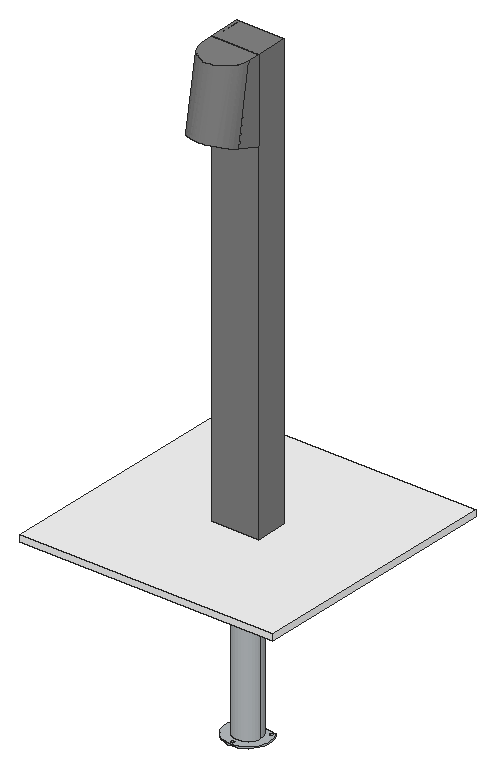
Revit family "BE_77239_de_DE", category Leuchten, Revit 2020
Family settings
  Basisbauteil = Fläche
  Bemaßung runder Anschluss = Durchmesser verwenden
  Teiletyp = Normal
  Beim Laden mit Abzugskörper schneiden = Ja
  Lichtquelle = Ja
  Gemeinsam genutzt = Nein
  Raumberechnungspunkt = Ja
Parameters (values of type "BEGA_77239_Grafit_K3")
  built-in parameter 1150104 = 14.151 (stored number, unit not read)
  Wattage = 1.9 W
  Default Elevation = 0 mm
  built-in parameter 1150113 = 1 (stored number, unit not read)
  built-in parameter 1114218 = 1 (stored number, unit not read)
  Umgebungstemperatur = "25 °C"
  URL = "https://www.bega.com/de/produkt/77239"
  Typenkommentare = "© 2022 BEGA. Wir behalten uns das Recht vor, technische Änderungen ohne vorherige Ankündigung vorzunehmen."  # constant formula
  Type Image = 77239.png
  built-in parameter 1150134 = (empty or 0)
  built-in parameter 1150109 = 1 (stored number, unit not read)
  Strom = ""
  built-in parameter 1150110 = 1 (stored number, unit not read)
  Spannung = 239.996 V
  Sonderanfertigung = no
  Seriennummer [instance] = "Hier können Sie die eindeutige Seriennummer für das Facility Management eintragen."
  Schutzklasse = "I"
  Schutzart = "IP 64"
  Scheinlast = 0 VA
  Produktdatenblatt = "https://cdn.bega.com/bega/products/77239AK3/current/documents/data-sheets/de"
  Oberflächentemperatur = ""
  Neigungswinkel = 0.00°
  Modell = "77239K3"
  Material_18 = BEGA_Gummi_schwarz
  Material_17 = BEGA_Reflektor
  Material_15 = BEGA_Leuchtmedium_matt
  Material_11 = BEGA_Glas_opal
  Material_10 = BEGA_Glas_matt
  Material_09 = BEGA_Glas_klar
  Material_08 = BEGA_Oberfläche_Stahl_verzinkt
  Material_06 = BEGA_Oberfläche_Edelstahl_gebürstet
  Material_03 = BEGA_Oberfläche_Weiss_matt
  Material_02 = BEGA_Oberfläche_Silber_matt
  Material_01 [instance] = BEGA_Oberfläche_Grafit_matt
  M_W = no
  M_G = yes
  M_A = no
  Logo = 0
  built-in parameter 1114217 = 1 (stored number, unit not read)
  built-in parameter 1150139 = (empty or 0)
  built-in parameter 1150105 = 23.03 (stored number, unit not read)
  built-in parameter 1150114 = 1 (stored number, unit not read)
  Lumens = 289.408 lm
  built-in parameter 1150115 = 1 (stored number, unit not read)
  Leuchtenlichtstrom = "146 lm"
  Leuchtenanzahl = ""
  Lebensdauerkriterien = "L70B50 @ 25 °C = 200000 h"
  Lastklassifizierung = Beleuchtung
  built-in parameter 1150112 = 1 (stored number, unit not read)
  Lampenlichtstrom = "295 lm"
  Lampe = "LED 1.9 W"
  LED_Modulbezeichnung = "LED-0684/830"
  built-in parameter 1150142 = (empty or 0)
  Hersteller = "BEGA"  # constant formula
  Halbstreuwinkel = ""
  Gewicht = "2.7 kg"
  Gebrauchslageneinschränkung [instance] = ""
  Frequenz = "0/50-60 Hz"
  Farbwiedergabeindex = "CRI > 80"
  Farbtemperaturverschiebung bei Dämpfen der Lampe = <Keine Auswahl>
  Farbtemperatur = "3000 K"
  Color Filter = 16777215
  built-in parameter 1150133 = 10 (stored number, unit not read)
  Energieeffizienzklasse = "LED A++ - A"
  built-in parameter 1150137 = (empty or 0)
  built-in parameter 1150132 = (empty or 0)
  ENEC = "ja"
  Datei für fotometrisches Netz = "BE_77239K3.IES"
  CE_Konformität = "ja"
  Bestellnummer = "77239K3"
  Beschreibung_Sonderanfertigung = "Hier können Sie Informationen zur Sonderanfertigung eintragen."
  Beschreibung = "Garten- und Wegeleuchte"
  built-in parameter 1150106 = 0.2303 (stored number, unit not read)
  Befestigungsbohrung = ""
  Befestigungsabstand = ""
  Ballwurfsicher = ""
  BEGA_Intern_aus = yes
  BEGA_Intern_an = yes
  BEGA_Intern_Konstruktion = yes
  BEGA_Intern = yes
  BEGA_IES = yes
  BEGA_Dummy = no
  Anschlussleitung = ""
  Anschlussleistung [instance] = "2.5 W"
  Anschlusskasten = ""
  built-in parameter 1150107 = 3000 (stored number, unit not read)
  built-in parameter 1150102 = (empty or 0)
  built-in parameter 1150138 = (empty or 0)
  Aktualisierung = "2022-05-19T04:00:07"
  Abstand_zur_angestrahlten_Fläche [instance] = ""
  AC/DC = "AC/DC"
Types (2, lengths in mm): name | built-in parameter 1150104 | Modell | M_G | M_A | built-in parameter 1150105 | Lumens | Bestellnummer | built-in parameter 1150106
  BEGA_77239_Silber_K3 | 14.18 (stored number, unit not read) | "77239AK3" | no | yes | 23.077 (stored number, unit not read) | 289.997 lm | "77239AK3" | 0.23077 (stored number, unit not read)
  BEGA_77239_Grafit_K3 | 14.151 (stored number, unit not read) | "77239K3" | yes | no | 23.03 (stored number, unit not read) | 289.408 lm | "77239K3" | 0.2303 (stored number, unit not read)
Reference planes
  plane 1 "Mitte (Vorne/Hinten)": y = 0
  plane 2: z = 0
  plane 3 "Mitte (Links/Rechts)": x = 0
  plane 4 "Links": x = -37.5
  plane 5 "Rechts": x = 37.5
  plane 6 "Unten": y = -100.895
  plane 7 "Oben": y = 25
  plane 8 "Vorne": z = 686.8
  plane 9 "Hinten": z = -300
Forms (mm)
  Extrusion 1, solid, material "BEGA_Platte_Weiss"
    sketch origin (0, -1119.2, 0) x (1, 0, 0) y (0, 1, 0)
      loop
        line (-200, 1319.2) -> (-200, 919.2) -> (200, 919.2) -> (200, 1319.2) -> (-200, 1319.2)
    from 0 to -10
  Extrusion 2, solid, material "BEGA_Dummy_matt", visible <- "BEGA_Dummy"
    sketch origin (80.095, -76.023, 0) x (1, 0, 0) y (0, 1, 0)
      loop
        line (-117.595, 101.023) -> (-117.595, -24.872) -> (-42.595, -24.872) -> (-42.595, 101.023) -> (-117.595, 101.023)
    from 0 to 686.8
Dimensions and locks
  plane 1 "Mitte (Vorne/Hinten)" to Extrusion 1 = 200 mm
  aligned and locked: plane 2 to Extrusion 1
  aligned and locked: level to Extrusion 1
Nested families
  nested 1: "BE_77239" at (0, 0, 0), type "BE_77239"
    with M_W no, M_G yes
Connectors
  electrical at (0, 0, 0), driven by "Lastklassifizierung", driven by "Spannung", driven by "Scheinlast"
    settings: index 1, voltage 239.996 V, apparent load 0 VA, apparent load phase1 0 VA, apparent load phase2 0 VA, apparent load phase3 0 VA, power factor 1, load classification "Beleuchtung", number of poles 1, system type 31, power factor state 1, is connector primary yes, connector utility no, sub classification motor no, connector description ""
Definition of nested family "BE_77239"
  Parameters (values of type "BE_77239")
    Default Elevation = 1 mm
    URL = "http://www.bega.de/de/produkt"
    Type Comments = "© 2015 BEGA. Wir behalten uns das Recht vor, technische Änderungen ohne vorherige Ankündigung vorzunehmen. "  # constant formula
    Type Image = (empty or 0)
    Material_18 = none
    Material_17 = none
    Material_15 = none
    Material_11 = none
    Material_10 = none
    Material_09 = none
    Material_08 = none
    Material_06 = none
    Material_03 = none
    Material_02 = none
    Material_01 = none
    M_W = yes
    M_G = no
    M_A = no
    Länge_Platte = 200 mm  # constant formula
    Höhe_Platte = -10 mm  # constant formula
    Manufacturer = "BEGA"  # constant formula
    Breite_Platte = 200 mm  # constant formula
  Reference planes
    plane 1 "Mitte (Oben/Unten)": y = 0
    plane 2: z = 0
    plane 3 "Mitte (Links/Rechts)": x = 0
    plane 4: x = -37.5
    plane 5: z = -300
    plane 6: x = 37.5
    plane 7: z = 686.8
    plane 8: y = 25
    plane 9: y = -100.895
  Forms (mm)
    Extrusion 1, solid, detail levels medium
      sketch origin (0, 0, 0) x (1, 0, 0) y (0, 1, 0)
        loop
          line (-100, 100) -> (-100, -100) -> (100, -100) -> (100, 100) -> (-100, 100)
      from 0 to -10 <- "Höhe_Platte"
    Extrusion 2, solid, material <- "Material_08", detail levels medium+fine
      sketch origin (0, 0, 0) x (1, 0, 0) y (0, 1, 0)
        loop
          line (-4.279, 24.123) -> (-26.706, 20.169)
          arc (-26.706, 20.169) -> (-28.686, 19.354) -> (-30.144, 17.786) r 5
          arc (-30.144, 17.786) -> (0, -35) -> (30.144, 17.786) r 35
          arc (30.144, 17.786) -> (28.686, 19.354) -> (26.706, 20.169) r 5
          line (26.706, 20.169) -> (4.279, 24.123)
          arc (4.279, 24.123) -> (0, 24.5) -> (-4.279, 24.123) r 24.5
        loop
          circle (-25.981, 15) r 2.75
        loop
          circle (0, -30) r 2.75
        loop
          circle (25.981, 15) r 2.75
        loop
          circle (0, 0) r 19.1
      from -298 to -300
    Extrusion 3, solid, material <- "Material_08", detail levels medium+fine
      sketch origin (0, 0, 0) x (1, 0, 0) y (0, 1, 0)
        loop
          circle (0, 0) r 19.1
        loop
          circle (0, 0) r 21.1
      from 119.996 to -298.004
    Sweep 4, solid, material <- "Material_01", visible <- "M_G", detail levels medium+fine
      path origin (0, 0, 0) x (1, 0, 0) y (0, 1, 0)
        loop
          line (37.5, 25) -> (-37.5, 25) -> (-37.5, -25) -> (37.5, -25) -> (37.5, 25)
      profile origin (0, 25, 0) x (0, -1, 0) y (0, 0, 1)
        loop
          line (0, 686.8) -> (0, 0) -> (3, 0) -> (3, 685) -> (8.422, 685) -> (8.422, 686.8) -> (0, 686.8)
    Extrusion 5, solid, material <- "Material_01", visible <- "M_G", detail levels medium+fine
      sketch origin (0, 0, 0) x (0, 1, 0) y (0, 0, 1)
        loop
          line (16.578, 686.8) -> (-16.578, 686.8) -> (-16.578, 685) -> (16.578, 685) -> (16.578, 686.8)
      from -29.451 to 29.078
    Blend 6, solid, material <- "Material_01", visible <- "M_G", detail levels medium+fine
      base sketch origin (0, 0, 0) x (1, 0, 0) y (0, 1, 0)
        loop
          line (-37.552, -25) -> (-36.457, -66.822)
          spline (-36.457, -66.822) -> (-35.105, -77.09) -> (-31.403, -86.632) -> (-25.599, -94.81) -> (-18.082, -101.077) -> (-9.354, -105.014) -> (0, -106.356) -> (9.354, -105.014) -> (18.082, -101.077) -> (25.599, -94.81) -> (31.403, -86.632) -> (35.105, -77.09) -> (36.457, -66.822)
          line (36.457, -66.822) -> (37.552, -25) -> (-37.552, -25)
      top sketch origin (0, 0, 0) x (1, 0, 0) y (0, 1, 0)
        loop
          line (-37.552, -25) -> (-37.071, -43.367)
          spline (-37.071, -43.367) -> (-35.587, -53.008) -> (-31.763, -61.945) -> (-25.851, -69.59) -> (-18.24, -75.44) -> (-9.43, -79.112) -> (0, -80.363) -> (9.43, -79.112) -> (18.24, -75.44) -> (25.851, -69.59) -> (31.763, -61.945) -> (35.587, -53.008) -> (37.071, -43.367)
          line (37.071, -43.367) -> (37.552, -25) -> (-37.552, -25)
      from 556.8 to 686.8
    Extrusion 7, void
      sketch origin (0, 0, 0) x (0, 1, 0) y (0, 0, 1)
        loop
          line (-26.108, 556.475) -> (-107.284, 586.021) -> (-107.284, 556.475) -> (-26.108, 556.475)
        loop
          line (-25, 686.8) -> (-81.221, 686.8) -> (-81.221, 685.38) -> (-25, 686.8)
      from -41.057 to 40.865
    Revolve 8, void
      sketch origin (0, 0, 0) x (0, 1, 0) y (0, 0, 1)
        loop
          line (-60.589, 588.104) -> (-67.011, 570.459) -> (-35.754, 559.082) -> (-37.529, 569.146) -> (-32.274, 567.233) -> (-28.878, 576.562) -> (-60.589, 588.104)
        axis (-60.589, 588.104) -> (-67.011, 570.459)
      angle from 0 to 360
    Revolve 9, solid, material <- "Material_10", detail levels medium+fine
      sketch origin (0, 0, 0) x (0, 1, 0) y (0, 0, 1)
        loop
          line (-62.616, 582.533) -> (-63.984, 578.775) -> (-33.444, 567.659) -> (-32.076, 571.418) -> (-62.616, 582.533)
        axis (-62.616, 582.533) -> (-63.984, 578.775)
      angle from 0 to 360
    Revolve 10, void
      sketch origin (-26, 0, 0) x (0, 1, 0) y (0, 0, 1)
        loop
          line (-34.938, 559.689) -> (-34.938, 561.3) -> (-36.8, 561.3) -> (-36.8, 560.367) -> (-34.938, 559.689)
        axis (-36.8, 561.3) -> (-36.8, 559.689)
      angle from 0 to 360
    Revolve 11, void
      sketch origin (26, 0, 0) x (0, 1, 0) y (0, 0, -1)
        loop
          line (-34.938, -559.689) -> (-36.8, -560.367) -> (-36.8, -561.3) -> (-34.938, -561.3) -> (-34.938, -559.689)
        axis (-36.8, -561.3) -> (-36.8, -559.689)
      angle from 0 to 360
    Revolve 12, solid, material <- "Material_06", detail levels fine
      sketch origin (-26, 0, 0) x (0, 1, 0) y (0, 0, 1)
        loop
          line (-36.8, 559.9) -> (-36.8, 561.3) -> (-38.411, 561.3) -> (-38.411, 560.481) -> (-37.887, 559.9) -> (-36.8, 559.9)
        axis (-36.8, 561.3) -> (-36.8, 559.9)
      angle from 0 to 360
    Revolve 13, solid, material <- "Material_06", detail levels fine
      sketch origin (26, 0, 0) x (0, 1, 0) y (0, 0, -1)
        loop
          line (-36.8, -559.9) -> (-37.887, -559.9) -> (-38.411, -560.481) -> (-38.411, -561.3) -> (-36.8, -561.3) -> (-36.8, -559.9)
        axis (-36.8, -561.3) -> (-36.8, -559.9)
      angle from 0 to 360
    Revolve 14, void
      sketch origin (0, 0, 0) x (0, 1, 0) y (0, 0, 1)
        loop
          line (25.206, 39) -> (22.243, 39) -> (22.243, 35) -> (25.206, 35) -> (25.206, 39)
        axis (25.206, 35) -> (22.243, 35)
      angle from 0 to 360
    Revolve 15, void
      sketch origin (0, 0, 50) x (0, 1, 0) y (0, 0, 1)
        loop
          line (25.206, 39) -> (22.243, 39) -> (22.243, 35) -> (25.206, 35) -> (25.206, 39)
        axis (25.206, 35) -> (22.243, 35)
      angle from 0 to 360
    Revolve 16, solid, material <- "Material_06", detail levels fine
      sketch origin (0, 0, 0) x (0, 1, 0) y (0, 0, 1)
        loop
          line (25, 88) -> (25, 88.942) -> (22.865, 88.942) -> (22.865, 85) -> (26, 85) -> (26, 88) -> (25, 88)
        axis (26, 85) -> (22.865, 85)
      angle from 0 to 360
    Revolve 17, solid, material <- "Material_06", detail levels fine
      sketch origin (0, 0, -50) x (0, 1, 0) y (0, 0, 1)
        loop
          line (25, 88) -> (25, 88.942) -> (22.865, 88.942) -> (22.865, 85) -> (26, 85) -> (26, 88) -> (25, 88)
        axis (26, 85) -> (22.865, 85)
      angle from 0 to 360
    Sweep 18, solid, material <- "Material_02", visible <- "M_A", detail levels medium+fine
      path origin (0, 0, 0) x (1, 0, 0) y (0, 1, 0)
        loop
          line (37.5, 25) -> (-37.5, 25) -> (-37.5, -25) -> (37.5, -25) -> (37.5, 25)
      profile origin (0, 25, 0) x (0, -1, 0) y (0, 0, 1)
        loop
          line (0, 686.8) -> (0, 0) -> (3, 0) -> (3, 685) -> (8.422, 685) -> (8.422, 686.8) -> (0, 686.8)
    Extrusion 19, solid, material <- "Material_02", visible <- "M_A", detail levels medium+fine
      sketch origin (0, 0, 0) x (0, 1, 0) y (0, 0, 1)
        loop
          line (16.578, 686.8) -> (-16.578, 686.8) -> (-16.578, 685) -> (16.578, 685) -> (16.578, 686.8)
      from -29.451 to 29.078
    Blend 20, solid, material <- "Material_02", visible <- "M_A", detail levels medium+fine
      base sketch origin (0, 0, 0) x (1, 0, 0) y (0, 1, 0)
        loop
          line (-37.552, -25) -> (-36.457, -66.822)
          spline (-36.457, -66.822) -> (-35.105, -77.09) -> (-31.403, -86.632) -> (-25.599, -94.81) -> (-18.082, -101.077) -> (-9.354, -105.014) -> (0, -106.356) -> (9.354, -105.014) -> (18.082, -101.077) -> (25.599, -94.81) -> (31.403, -86.632) -> (35.105, -77.09) -> (36.457, -66.822)
          line (36.457, -66.822) -> (37.552, -25) -> (-37.552, -25)
      top sketch origin (0, 0, 0) x (1, 0, 0) y (0, 1, 0)
        loop
          line (-37.552, -25) -> (-37.071, -43.367)
          spline (-37.071, -43.367) -> (-35.587, -53.008) -> (-31.763, -61.945) -> (-25.851, -69.59) -> (-18.24, -75.44) -> (-9.43, -79.112) -> (0, -80.363) -> (9.43, -79.112) -> (18.24, -75.44) -> (25.851, -69.59) -> (31.763, -61.945) -> (35.587, -53.008) -> (37.071, -43.367)
          line (37.071, -43.367) -> (37.552, -25) -> (-37.552, -25)
      from 556.8 to 686.8
  Cuts and joins
    joined: Extrusion 2, Extrusion 3
    Revolve 14, Revolve 15 cuts Sweep 4
    Revolve 14, Revolve 15 cuts Extrusion 5
    joined: Sweep 4, Extrusion 5
    Extrusion 7, Revolve 8, Revolve 10, Revolve 11 cuts Blend 6
    Revolve 14, Revolve 15 cuts Sweep 18
    joined: Sweep 18, Extrusion 19
    Extrusion 7, Revolve 8, Revolve 10, Revolve 11 cuts Blend 20
  Dimensions and locks
    equal spacing: Extrusion 1 sketch curve, plane 3 "Mitte (Links/Rechts)", Extrusion 1 sketch curve
    equal spacing: Extrusion 1 sketch curve, plane 1 "Mitte (Oben/Unten)", Extrusion 1 sketch curve
    "Länge_Platte": Extrusion 1 sketch curve to Extrusion 1 sketch curve
    "Breite_Platte": Extrusion 1 sketch curve to Extrusion 1 sketch curve
    aligned and locked: Extrusion 1 to plane 2
    aligned and locked: level to Extrusion 1
  Automatic sketch dimensions
    Extrusion 2 sketch curve to Extrusion 2 sketch curve = 0 mm  (x13)
    plane 1 "Mitte (Oben/Unten)" to Extrusion 2 sketch curve = 0 mm
    Extrusion 2 sketch curve to plane 3 "Mitte (Links/Rechts)" = 0 mm  (x2)
    Extrusion 2 sketch curve to plane 3 "Mitte (Links/Rechts)" = 4.279 mm
    Extrusion 2 sketch curve to Extrusion 2 sketch curve = 21.559 mm  (x2)
    Extrusion 2 sketch curve to Extrusion 2 sketch curve = 0.143 mm  (x2)
    plane 3 "Mitte (Links/Rechts)" to Extrusion 2 sketch curve = 4.279 mm
    plane 1 "Mitte (Oben/Unten)" to Extrusion 2 sketch curve = 30 mm
    Extrusion 2 sketch curve to plane 1 "Mitte (Oben/Unten)" = 15 mm  (x2)
    Extrusion 2 sketch curve to Extrusion 2 sketch curve = 0.245 mm  (x2)
    Extrusion 2 sketch curve to Extrusion 2 sketch curve = 8.878 mm
    Extrusion 2 sketch curve to Extrusion 2 sketch curve = 0.868 mm  (x2)
    Extrusion 2 sketch curve to Extrusion 2 sketch curve = 3.438 mm  (x2)
    Extrusion 2 sketch curve to Extrusion 2 sketch curve = 2.541 mm  (x2)
    Sweep 4 sketch curve to plane 3 "Mitte (Links/Rechts)" = 37.5 mm
    plane 3 "Mitte (Links/Rechts)" to Sweep 4 sketch curve = 37.5 mm
    plane 1 "Mitte (Oben/Unten)" to Sweep 4 sketch curve = 25 mm
    Sweep 4 sketch curve to plane 1 "Mitte (Oben/Unten)" = 25 mm
    Sweep 4 sketch curve to level = 0 mm
    Sweep 4 sketch curve to profile plane = 0 mm
    Sweep 4 sketch curve to profile plane = 3 mm
    Sweep 4 sketch curve to Sweep 4 sketch curve = 5.422 mm
    level to Sweep 4 sketch curve = 685 mm
    Sweep 4 sketch curve to Sweep 4 sketch curve = 1.8 mm
    plane 1 "Mitte (Oben/Unten)" to Extrusion 5 sketch curve = 16.578 mm
    Extrusion 5 sketch curve to plane 1 "Mitte (Oben/Unten)" = 16.578 mm
    level to Extrusion 5 sketch curve = 685 mm
    Extrusion 5 sketch curve to Extrusion 5 sketch curve = 1.8 mm
    Blend 6 sketch curve to plane 3 "Mitte (Links/Rechts)" = 0 mm  (x2)
    Blend 6 sketch curve to plane 3 "Mitte (Links/Rechts)" = 36.457 mm
    Blend 6 sketch curve to plane 3 "Mitte (Links/Rechts)" = 37.552 mm
    plane 3 "Mitte (Links/Rechts)" to Blend 6 sketch curve = 36.457 mm
    plane 3 "Mitte (Links/Rechts)" to Blend 6 sketch curve = 37.552 mm
    plane 1 "Mitte (Oben/Unten)" to Blend 6 sketch curve = 66.822 mm
    plane 1 "Mitte (Oben/Unten)" to Blend 6 sketch curve = 25 mm
    Blend 6 sketch curve to Blend 6 sketch curve = 0.004 mm
    Blend 6 sketch curve to Blend 6 sketch curve = 0.566 mm
    Blend 6 sketch curve to plane 3 "Mitte (Links/Rechts)" = 37.071 mm
    Blend 6 sketch curve to Blend 6 sketch curve = 0.481 mm  (x2)
    plane 3 "Mitte (Links/Rechts)" to Blend 6 sketch curve = 37.071 mm
    plane 1 "Mitte (Oben/Unten)" to Blend 6 sketch curve = 43.367 mm
    Blend 6 sketch curve to Blend 6 sketch curve = 18.367 mm
    Blend 6 sketch curve to Blend 6 sketch curve = 36.996 mm
    Blend 6 sketch curve to Blend 6 sketch curve = 1.075 mm
    plane 1 "Mitte (Oben/Unten)" to Extrusion 7 sketch curve = 107.284 mm
    plane 1 "Mitte (Oben/Unten)" to Extrusion 7 sketch curve = 81.221 mm
    plane 1 "Mitte (Oben/Unten)" to Extrusion 7 sketch curve = 26.108 mm
    plane 1 "Mitte (Oben/Unten)" to Extrusion 7 sketch curve = 25 mm
    level to Extrusion 7 sketch curve = 556.475 mm
    Extrusion 7 sketch curve to Extrusion 7 sketch curve = 29.546 mm
    Extrusion 7 sketch curve to Extrusion 7 sketch curve = 99.359 mm
    Extrusion 7 sketch curve to Extrusion 7 sketch curve = 1.42 mm
    plane 1 "Mitte (Oben/Unten)" to Revolve 8 sketch curve = 67.011 mm
    Revolve 8 sketch curve to Revolve 8 sketch curve = 6.422 mm
    Revolve 8 sketch curve to Revolve 8 sketch curve = 29.482 mm
    Revolve 8 sketch curve to Revolve 8 sketch curve = 1.774 mm
    Revolve 8 sketch curve to Revolve 8 sketch curve = 5.255 mm
    Revolve 8 sketch curve to Revolve 8 sketch curve = 3.395 mm
    level to Revolve 8 sketch curve = 559.082 mm
    Revolve 8 sketch curve to Revolve 8 sketch curve = 8.151 mm
    Revolve 8 sketch curve to Revolve 8 sketch curve = 1.913 mm
    Revolve 8 sketch curve to Revolve 8 sketch curve = 1.313 mm
    Revolve 8 sketch curve to Revolve 8 sketch curve = 0 mm  (x4)
    plane 1 "Mitte (Oben/Unten)" to Revolve 9 sketch curve = 63.984 mm
    Revolve 9 sketch curve to Revolve 9 sketch curve = 1.368 mm  (x2)
    Revolve 9 sketch curve to Revolve 9 sketch curve = 30.54 mm
    level to Revolve 9 sketch curve = 567.659 mm
    Revolve 9 sketch curve to Revolve 9 sketch curve = 3.759 mm
    Revolve 9 sketch curve to Revolve 9 sketch curve = 11.116 mm
    Revolve 9 sketch curve to Revolve 9 sketch curve = 0 mm  (x4)
    plane 1 "Mitte (Oben/Unten)" to Revolve 10 sketch curve = 36.8 mm
    Revolve 10 sketch curve to Revolve 10 sketch curve = 1.862 mm
    level to Revolve 10 sketch curve = 559.689 mm
    Revolve 10 sketch curve to Revolve 10 sketch curve = 0.678 mm
    Revolve 10 sketch curve to Revolve 10 sketch curve = 0.933 mm
    Revolve 10 sketch curve to Revolve 10 sketch curve = 0 mm  (x3)
    plane 1 "Mitte (Oben/Unten)" to Revolve 11 sketch curve = 36.8 mm
    Revolve 11 sketch curve to Revolve 11 sketch curve = 1.862 mm
    level to Revolve 11 sketch curve = 561.3 mm
    Revolve 11 sketch curve to Revolve 11 sketch curve = 0.933 mm
    Revolve 11 sketch curve to Revolve 11 sketch curve = 1.611 mm
    Revolve 11 sketch curve to Revolve 11 sketch curve = 0 mm  (x3)
    plane 1 "Mitte (Oben/Unten)" to Revolve 12 sketch curve = 38.411 mm
    Revolve 12 sketch curve to Revolve 12 sketch curve = 0.523 mm
    Revolve 12 sketch curve to Revolve 12 sketch curve = 1.087 mm
    level to Revolve 12 sketch curve = 559.9 mm
    Revolve 12 sketch curve to Revolve 12 sketch curve = 0.581 mm
    Revolve 12 sketch curve to Revolve 12 sketch curve = 1.4 mm
    Revolve 12 sketch curve to Revolve 12 sketch curve = 0 mm  (x3)
    plane 1 "Mitte (Oben/Unten)" to Revolve 13 sketch curve = 38.411 mm
    Revolve 13 sketch curve to Revolve 13 sketch curve = 0.523 mm
    Revolve 13 sketch curve to Revolve 13 sketch curve = 1.087 mm
    level to Revolve 13 sketch curve = 561.3 mm
    Revolve 13 sketch curve to Revolve 13 sketch curve = 0.819 mm
    Revolve 13 sketch curve to Revolve 13 sketch curve = 0.581 mm
    Revolve 13 sketch curve to Revolve 13 sketch curve = 0 mm  (x3)
    Revolve 14 sketch curve to plane 1 "Mitte (Oben/Unten)" = 22.243 mm
    Revolve 14 sketch curve to Revolve 14 sketch curve = 2.963 mm
    level to Revolve 14 sketch curve = 35 mm
    Revolve 14 sketch curve to Revolve 14 sketch curve = 4 mm
    Revolve 14 sketch curve to Revolve 14 sketch curve = 0 mm  (x2)
    Revolve 14 sketch curve to Revolve 14 sketch curve = 0.206 mm
    Revolve 15 sketch curve to plane 1 "Mitte (Oben/Unten)" = 22.243 mm
    Revolve 15 sketch curve to Revolve 15 sketch curve = 2.963 mm
    level to Revolve 15 sketch curve = 85 mm
    Revolve 15 sketch curve to Revolve 15 sketch curve = 4 mm
    Revolve 15 sketch curve to Revolve 15 sketch curve = 0 mm  (x2)
    Revolve 15 sketch curve to Revolve 15 sketch curve = 0.206 mm
    Revolve 16 sketch curve to plane 1 "Mitte (Oben/Unten)" = 22.865 mm
    Revolve 16 sketch curve to Revolve 16 sketch curve = 2.135 mm
    Revolve 16 sketch curve to Revolve 16 sketch curve = 1 mm
    level to Revolve 16 sketch curve = 85 mm
    Revolve 16 sketch curve to Revolve 16 sketch curve = 3 mm
    Revolve 16 sketch curve to Revolve 16 sketch curve = 0.942 mm
    Revolve 16 sketch curve to Revolve 16 sketch curve = 0 mm  (x3)
    Revolve 17 sketch curve to plane 1 "Mitte (Oben/Unten)" = 22.865 mm
    Revolve 17 sketch curve to Revolve 17 sketch curve = 2.135 mm
    Revolve 17 sketch curve to Revolve 17 sketch curve = 1 mm
    level to Revolve 17 sketch curve = 35 mm
    Revolve 17 sketch curve to Revolve 17 sketch curve = 3 mm
    Revolve 17 sketch curve to Revolve 17 sketch curve = 0.942 mm
    Revolve 17 sketch curve to Revolve 17 sketch curve = 0 mm  (x3)
    Sweep 18 sketch curve to plane 3 "Mitte (Links/Rechts)" = 37.5 mm
    plane 3 "Mitte (Links/Rechts)" to Sweep 18 sketch curve = 37.5 mm
    plane 1 "Mitte (Oben/Unten)" to Sweep 18 sketch curve = 25 mm
    Sweep 18 sketch curve to plane 1 "Mitte (Oben/Unten)" = 25 mm
    Sweep 18 sketch curve to level = 0 mm
    Sweep 18 sketch curve to profile plane = 0 mm
    Sweep 18 sketch curve to profile plane = 3 mm
    Sweep 18 sketch curve to Sweep 18 sketch curve = 5.422 mm
    level to Sweep 18 sketch curve = 685 mm
    Sweep 18 sketch curve to Sweep 18 sketch curve = 1.8 mm
    plane 1 "Mitte (Oben/Unten)" to Extrusion 19 sketch curve = 16.578 mm
    Extrusion 19 sketch curve to plane 1 "Mitte (Oben/Unten)" = 16.578 mm
    level to Extrusion 19 sketch curve = 685 mm
    Extrusion 19 sketch curve to Extrusion 19 sketch curve = 1.8 mm
    Blend 20 sketch curve to plane 3 "Mitte (Links/Rechts)" = 0 mm  (x2)
    Blend 20 sketch curve to plane 3 "Mitte (Links/Rechts)" = 36.457 mm
    Blend 20 sketch curve to plane 3 "Mitte (Links/Rechts)" = 37.552 mm
    plane 3 "Mitte (Links/Rechts)" to Blend 20 sketch curve = 36.457 mm
    plane 3 "Mitte (Links/Rechts)" to Blend 20 sketch curve = 37.552 mm
    plane 1 "Mitte (Oben/Unten)" to Blend 20 sketch curve = 66.822 mm
    plane 1 "Mitte (Oben/Unten)" to Blend 20 sketch curve = 25 mm
    Blend 20 sketch curve to Blend 20 sketch curve = 0.004 mm
    Blend 20 sketch curve to Blend 20 sketch curve = 0.566 mm
    Blend 20 sketch curve to plane 3 "Mitte (Links/Rechts)" = 37.071 mm
    Blend 20 sketch curve to Blend 20 sketch curve = 0.481 mm  (x2)
    plane 3 "Mitte (Links/Rechts)" to Blend 20 sketch curve = 37.071 mm
    plane 1 "Mitte (Oben/Unten)" to Blend 20 sketch curve = 43.367 mm
    Blend 20 sketch curve to Blend 20 sketch curve = 18.367 mm
    Blend 20 sketch curve to Blend 20 sketch curve = 36.996 mm
    Blend 20 sketch curve to Blend 20 sketch curve = 1.075 mm
    radius of Extrusion 2 sketch curve = 2.75 mm  (x3)
    radius of Extrusion 2 sketch curve = 19.1 mm
